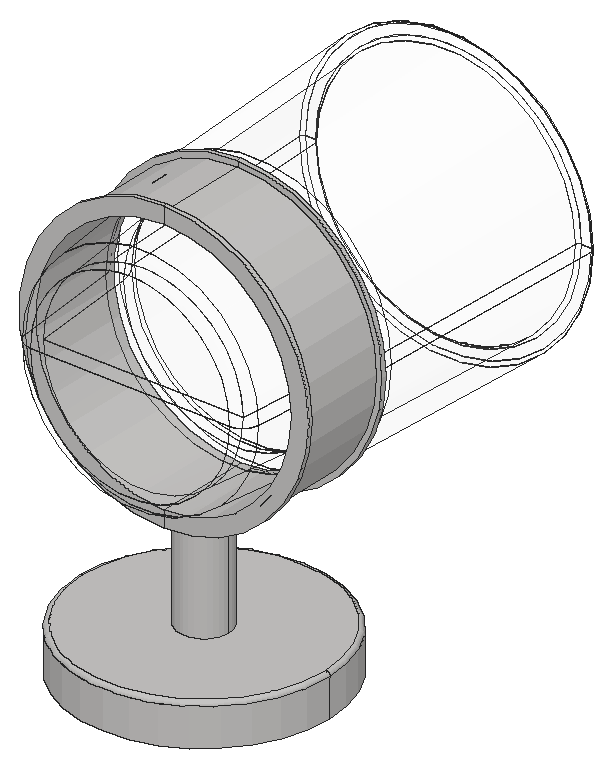
Revit family "PRD_FrankeWS_TmblrHldrs_FIRMUSTumblerHolder_FIRX006HP", category Specialty Equipment, host Face, Revit 2018
Family settings
  Host = Face
  Round Connector Dimension = Use Diameter
  Part Type = Normal
  OmniClass Number = 23.40.20.21
  OmniClass Title = Toilet and Bath Specialties
  Cut with Voids When Loaded = No
  Shared = No
  Room Calculation Point = No
Parameters (values of type "FIRX006HP")
  WarrantyStartDate [instance] = "1900-12-31T23:59:59"
  WarrantyGuarantorParts = "n/a"
  WarrantyGuarantorLabor = "n/a"
  WarrantyDurationUnit = "year"
  WarrantyDurationParts = "n/a"
  WarrantyDurationLabor = "n/a"
  WarrantyDescription = "n/a"
  Version = "1"
  Uniclass2015Version = "Products v1.17"
  Uniclass2015Title = "Tumbler holders"
  Uniclass2015Code = "Pr_40_20_76_92"
  URL = "www.kwc.com"
  TypeOfMounting = "Wall mounting"
  TypeOfFixing = "Screw"
  TagNumber [instance] = "n/a"
  SustainabilityPerformance = "n/a"
  Style = "Tumbler holder"
  Size = "70 x 103 x 105 mm"
  Shape = "n/a"
  SerialNumber [instance] = "n/a"
  Revision = "n/a"
  ReplacementCost = "n/a"
  ProductInformation = "https://pim.kwc.com/product/2000106275/attachment/datasheet?locale=en"
  NominalWidth = 70.00 mm
  NominalHeight = 103.00 mm
  NominalDepth = 105.00 mm
  NetWeight = 0.36 kg
  Name = "Tumbler Holder FIRX006HP"
  NBSTypeID = "n/a"
  NBSReference = "45-35-72/376"
  NBSOfficeMasterTag = "n/a"
  NBSNote = "n/a"
  NBSDescription = "Tumbler holders"
  NBSCertification = "n/a"
  ModelReference = "FIRX006HP"
  ModelNumber = "2000106275"
  Model = ModelReference  # "FIRX006HP"
  MaterialCode = "1.4301"
  Material = "stainless steel"
  ManufacturerURL = "www.kwc.com"
  ManufacturerName = "KWC Group AG"  # constant formula
  Manufacturer = ManufacturerName  # "KWC Group AG"
  MainColor = "stainless steel"
  IsBuiltIn = "TRUE"
  IntegralAccessories = "incl. stainless steel screws and dowels"
  InstallationDate [instance] = "1900-12-31T23:59:59"
  IfcExportType = "USERDEFINED"
  IfcExportAs = "IfcFurnitureType"
  HolderMaterial = PRD_AR_StainlessSteel_HighPolished
  GrossWeight = 0.40 kg
  Grade = "n/a"
  Finish = "high polished"
  Features = "stainless steel, surface high polished"
  ExpectedLife = "n/a"
  DurationUnit = "year"
  Description = "Tumbler holder for wall mounting, 304 stainless steel, glass cup, round covers with drilled hole on bottom for fixation, inclusive stainless steel screws and dowels."
  Default Elevation = 800.00 mm
  CupMaterial = PRD_AR_FrostedGlass
  CreateOn = "05/2020"  # constant formula
  Constituents = "n/a"
  Color = "n/a"
  CodePerformance = "n/a"
  Category = "Pr_40_20_76_92, Tumbler holders"
  BarCode [instance] = "n/a"
  BIMObjectName = "PRD_AR_TumblerHolders_FIRMUSTumblerHolder_FIRX006HP"
  Author = "Archispace"  # constant formula
  AssetType = "Fixed"
  AssetIdentifier [instance] = "n/a"
  AccessibilityPerformance = "n/a"
Reference planes
  plane 1 "Center (Front/Back)": y = 0
  plane 2: z = 0
  plane 3 "Center (Left/Right)": x = 0
  plane 4: z = 82.5
Forms (mm)
  Extrusion 1, solid, material "PRD_AR_StainlessSteel_HighPolished" <- "HolderMaterial", detail levels fine
    sketch origin (273, 0, 0) x (1, 0, 0) y (0, 1, 0)
      loop
        circle (-273, 0) r 30
    from 0 to 10
  Extrusion 2, solid, material "PRD_AR_StainlessSteel_HighPolished" <- "HolderMaterial", detail levels medium
    sketch origin (273, 0, 0) x (1, 0, 0) y (0, 1, 0)
      loop
        circle (-273, 0) r 30
    from 0 to 10
  Sweep 3, void
    path in 3D
      loop
        arc (-30, 0, 10) -> (0, 30, 10) -> (30, 0, 10) r 30
        arc (30, 0, 10) -> (0, -30, 10) -> (-30, 0, 10) r 30
    profile origin (0, -30, 10) x (0, -1, 0) y (0, 0, 1)
      loop
        line (0, 0) -> (-1, 0)
        arc (-1, 0) -> (-0.293, -0.293) -> (0, -1) r 1
        line (0, -1) -> (0, 0)
  Extrusion 4, solid, material "PRD_AR_StainlessSteel_HighPolished" <- "HolderMaterial", detail levels fine
    sketch origin (0, 0, 0) x (1, 0, 0) y (0, 1, 0)
      loop
        circle (0, 0) r 6
    from 10 to 38.797
  Extrusion 5, solid, material "PRD_AR_StainlessSteel_HighPolished", detail levels medium
    sketch origin (0, 0, 0) x (1, 0, 0) y (0, 1, 0)
      loop
        circle (0, 0) r 6
    from 10 to 35
  Sweep 6, solid, material "PRD_AR_FrostedGlass" <- "CupMaterial", detail levels medium
    path origin (0, 0, 0) x (0, 1, 0) y (0, 0, 1)
      loop
        line (73, 82.5) -> (-22, 82.5)
    profile origin (0, 25.5, 82.5) x (0, 0, -1) y (1, 0, 0)
      loop
        circle (12.5, 0) r 35
  Extrusion 7, solid, material "PRD_AR_StainlessSteel_HighPolished" <- "HolderMaterial", detail levels coarse
    sketch origin (0, 0, 0) x (1, 0, 0) y (0, 0, 1)
      loop
        line (-35, 0) -> (35, 0) -> (35, 70)
        arc (35, 70) -> (0, 105) -> (-35, 70) r 35
        line (-35, 70) -> (-35, 0)
    from -73 to 30
  Revolve 8, solid, material "PRD_AR_StainlessSteel_HighPolished" <- "HolderMaterial", detail levels fine
    sketch origin (0, 0, 0) x (0, 1, 0) y (0, 0, 1)
      loop
        line (-11, 38.4) -> (-10, 38.4) -> (-10, 36.9) -> (10, 36.9) -> (10, 35.5) -> (11, 35.5) -> (11, 39.5) -> (-12, 39.5) -> (-12, 35.5) -> (-11, 35.5) -> (-11, 38.4)
      axis (11, 70) -> (-12, 70)
    angle from 0 to 360
  Revolve 9, solid, material "PRD_AR_FrostedGlass" <- "CupMaterial", detail levels fine
    sketch origin (0, 0, 70) x (1, 0, 0) y (0, 1, 0)
      loop
        line (0, -22) -> (0, -18) -> (-23.784, -18) -> (-26.227, 8.892)
        arc (-26.227, 8.892) -> (-26.808, 11.354) -> (-28.051, 13.558) r 9
        arc (-28.051, 13.558) -> (-28.517, 14.408) -> (-28.703, 15.359) r 3.164
        line (-28.703, 15.359) -> (-30.966, 72.232)
        arc (-30.966, 72.232) -> (-31.211, 72.777) -> (-31.766, 73) r 0.8
        line (-31.766, 73) -> (-34.168, 73)
        arc (-34.168, 73) -> (-34.744, 72.754) -> (-34.967, 72.168) r 0.8
        line (-34.967, 72.168) -> (-32.7, 15.2)
        arc (-32.7, 15.2) -> (-32.278, 13.047) -> (-31.224, 11.122) r 7.164
        arc (-31.224, 11.122) -> (-30.533, 9.898) -> (-30.211, 8.53) r 5
        line (-30.211, 8.53) -> (-27.767, -18.362)
        arc (-27.767, -18.362) -> (-26.481, -20.954) -> (-23.784, -22) r 4
        line (-23.784, -22) -> (0, -22)
      axis (0, 73) -> (0, -22)
    angle from 0 to 360
Cuts and joins
  Sweep 3 cuts Extrusion 1
  joined: Extrusion 4, Revolve 8
Lines and regions (mm)
  sketch lines
    curve 1: arc (30, 0, 10) -> (0, -30, 10) -> (-30, 0, 10) r 30
    curve 2: arc (-30, 0, 10) -> (0, 30, 10) -> (30, 0, 10) r 30
Dimensions and locks
  aligned and locked: plane 2 to host face
  aligned and locked: level to host face
